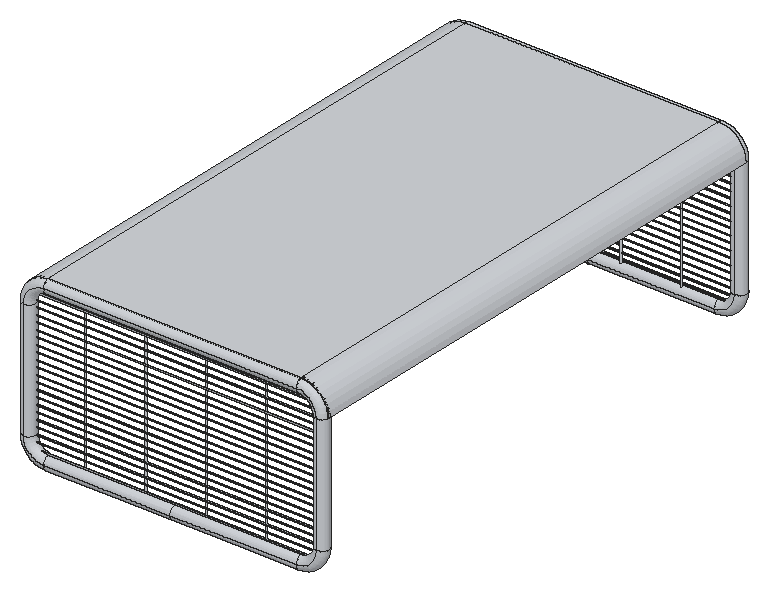
Revit family "48 X Cart_Attic (Short) - 2012", category Generic Models, host Floor, Revit 2012
Parameters
  URL = "http://www.wengercorp.com/Home/Contact.html"
  Part Number = "240A023"
  Manufacturer = "Wenger Corporation"
  Length = 80.40684"
  Keynote = "Wenger Gear Boss Carts"
  Description = "48\" X Cart Attic (short)"
  Attic Hieight [instance] = 25 5/8"
  Assembly Code = ""
Reference planes (in)
  plane 1 "Center (Front/Back)": y = 0
  plane 2: z = 0
  plane 3 "Center (Left/Right)": x = 0
  plane 4 "Top of Cart": z = 78.99185
  plane 5 "Top Of Attic": z = 104.61685
Forms (in)
  Extrusion 1, solid
    sketch origin (23.75, 0, 68.65699) x (0, -1, 0) y (0, 0, 1)
      loop
        line (38.94147, 12.53256) -> (38.7842, 12.49042) -> (38.89933, 12.3753) -> (38.94147, 12.53256)
    from 2.42735 to 45.5
  Extrusion 2, solid
    sketch origin (23.75, 0, 69.65699) x (0, -1, 0) y (0, 0, 1)
      loop
        line (38.94147, 12.53256) -> (38.7842, 12.49042) -> (38.89933, 12.3753) -> (38.94147, 12.53256)
    from 2.42735 to 45.5
  Extrusion 3, solid
    sketch origin (23.75, 0, 70.65699) x (0, -1, 0) y (0, 0, 1)
      loop
        line (38.94147, 12.53256) -> (38.7842, 12.49042) -> (38.89933, 12.3753) -> (38.94147, 12.53256)
    from 2.42735 to 45.5
  Extrusion 4, solid
    sketch origin (23.75, 0, 71.65699) x (0, -1, 0) y (0, 0, 1)
      loop
        line (38.94147, 12.53256) -> (38.7842, 12.49042) -> (38.89933, 12.3753) -> (38.94147, 12.53256)
    from 2.42735 to 45.5
  Extrusion 5, solid
    sketch origin (23.75, 0, 72.65699) x (0, -1, 0) y (0, 0, 1)
      loop
        line (38.94147, 12.53256) -> (38.7842, 12.49042) -> (38.89933, 12.3753) -> (38.94147, 12.53256)
    from 2.42735 to 45.5
  Extrusion 6, solid
    sketch origin (23.75, 0, 73.65699) x (0, -1, 0) y (0, 0, 1)
      loop
        line (38.94147, 12.53256) -> (38.7842, 12.49042) -> (38.89933, 12.3753) -> (38.94147, 12.53256)
    from 2.42735 to 45.5
  Extrusion 7, solid
    sketch origin (23.75, 0, 74.65699) x (0, -1, 0) y (0, 0, 1)
      loop
        line (38.94147, 12.53256) -> (38.7842, 12.49042) -> (38.89933, 12.3753) -> (38.94147, 12.53256)
    from 2.42735 to 45.5
  Extrusion 8, solid
    sketch origin (23.75, 0, 75.65699) x (0, -1, 0) y (0, 0, 1)
      loop
        line (38.94147, 12.53256) -> (38.7842, 12.49042) -> (38.89933, 12.3753) -> (38.94147, 12.53256)
    from 2.42735 to 45.5
  Extrusion 9, solid
    sketch origin (23.75, 0, 76.65699) x (0, -1, 0) y (0, 0, 1)
      loop
        line (38.94147, 12.53256) -> (38.7842, 12.49042) -> (38.89933, 12.3753) -> (38.94147, 12.53256)
    from 2.42735 to 45.5
  Extrusion 10, solid
    sketch origin (23.75, 0, 77.65699) x (0, -1, 0) y (0, 0, 1)
      loop
        line (38.94147, 12.53256) -> (38.7842, 12.49042) -> (38.89933, 12.3753) -> (38.94147, 12.53256)
    from 2.42735 to 45.5
  Extrusion 11, solid
    sketch origin (23.75, 0, 78.65699) x (0, -1, 0) y (0, 0, 1)
      loop
        line (38.94147, 12.53256) -> (38.7842, 12.49042) -> (38.89933, 12.3753) -> (38.94147, 12.53256)
    from 2.42735 to 45.5
  Extrusion 12, solid
    sketch origin (23.75, 0, 79.65699) x (0, -1, 0) y (0, 0, 1)
      loop
        line (38.94147, 12.53256) -> (38.7842, 12.49042) -> (38.89933, 12.3753) -> (38.94147, 12.53256)
    from 2.42735 to 45.5
  Extrusion 13, solid
    sketch origin (23.75, 0, 80.65699) x (0, -1, 0) y (0, 0, 1)
      loop
        line (38.94147, 12.53256) -> (38.7842, 12.49042) -> (38.89933, 12.3753) -> (38.94147, 12.53256)
    from 2.42735 to 45.5
  Extrusion 14, solid
    sketch origin (23.75, 0, 81.65699) x (0, -1, 0) y (0, 0, 1)
      loop
        line (38.94147, 12.53256) -> (38.7842, 12.49042) -> (38.89933, 12.3753) -> (38.94147, 12.53256)
    from 2.42735 to 45.5
  Extrusion 15, solid
    sketch origin (23.75, 0, 82.65699) x (0, -1, 0) y (0, 0, 1)
      loop
        line (38.94147, 12.53256) -> (38.7842, 12.49042) -> (38.89933, 12.3753) -> (38.94147, 12.53256)
    from 2.42735 to 45.5
  Extrusion 16, solid
    sketch origin (23.75, 0, 83.65699) x (0, -1, 0) y (0, 0, 1)
      loop
        line (38.94147, 12.53256) -> (38.7842, 12.49042) -> (38.89933, 12.3753) -> (38.94147, 12.53256)
    from 2.42735 to 45.5
  Extrusion 17, solid
    sketch origin (23.75, 0, 84.65699) x (0, -1, 0) y (0, 0, 1)
      loop
        line (38.94147, 12.53256) -> (38.7842, 12.49042) -> (38.89933, 12.3753) -> (38.94147, 12.53256)
    from 2.42735 to 45.5
  Extrusion 18, solid
    sketch origin (23.75, 0, 85.65699) x (0, -1, 0) y (0, 0, 1)
      loop
        line (38.94147, 12.53256) -> (38.7842, 12.49042) -> (38.89933, 12.3753) -> (38.94147, 12.53256)
    from 2.42735 to 45.5
  Extrusion 19, solid
    sketch origin (23.75, 0, 86.65699) x (0, -1, 0) y (0, 0, 1)
      loop
        line (38.94147, 12.53256) -> (38.7842, 12.49042) -> (38.89933, 12.3753) -> (38.94147, 12.53256)
    from 2.42735 to 45.5
  Extrusion 20, solid
    sketch origin (23.75, 0, 87.65699) x (0, -1, 0) y (0, 0, 1)
      loop
        line (38.94147, 12.53256) -> (38.7842, 12.49042) -> (38.89933, 12.3753) -> (38.94147, 12.53256)
    from 2.42735 to 45.5
  Extrusion 21, solid
    sketch origin (23.75, 0, 88.65699) x (0, -1, 0) y (0, 0, 1)
      loop
        line (38.94147, 12.53256) -> (38.7842, 12.49042) -> (38.89933, 12.3753) -> (38.94147, 12.53256)
    from 2.42735 to 45.5
  Extrusion 22, solid
    sketch origin (23.75, 0, 89.65699) x (0, -1, 0) y (0, 0, 1)
      loop
        line (38.94147, 12.53256) -> (38.7842, 12.49042) -> (38.89933, 12.3753) -> (38.94147, 12.53256)
    from 2.42735 to 45.5
  Extrusion 23, solid, not visible
    sketch origin (23.75, 0, 0) x (0, -1, 0) y (0, 0, 1)
      loop
        line (38.94147, 12.53256) -> (38.7842, 12.49042) -> (38.89933, 12.3753) -> (38.94147, 12.53256)
    from 2.42735 to 45.5
  Extrusion 24, solid, not visible
    sketch origin (23.75, 0, 0) x (0, -1, 0) y (0, 0, 1)
      loop
        line (38.94147, 12.53256) -> (38.7842, 12.49042) -> (38.89933, 12.3753) -> (38.94147, 12.53256)
    from 2.42735 to 45.5
  Extrusion 25, solid, not visible
    sketch origin (23.75, 0, 1) x (0, -1, 0) y (0, 0, 1)
      loop
        line (38.94147, 12.53256) -> (38.7842, 12.49042) -> (38.89933, 12.3753) -> (38.94147, 12.53256)
    from 2.42735 to 45.5
  Extrusion 26, solid, not visible
    sketch origin (23.75, 0, 2) x (0, -1, 0) y (0, 0, 1)
      loop
        line (38.94147, 12.53256) -> (38.7842, 12.49042) -> (38.89933, 12.3753) -> (38.94147, 12.53256)
    from 2.42735 to 45.5
  Extrusion 27, solid, not visible
    sketch origin (23.75, 0, 3) x (0, -1, 0) y (0, 0, 1)
      loop
        line (38.94147, 12.53256) -> (38.7842, 12.49042) -> (38.89933, 12.3753) -> (38.94147, 12.53256)
    from 2.42735 to 45.5
  Extrusion 28, solid, not visible
    sketch origin (23.75, 0, 4) x (0, -1, 0) y (0, 0, 1)
      loop
        line (38.94147, 12.53256) -> (38.7842, 12.49042) -> (38.89933, 12.3753) -> (38.94147, 12.53256)
    from 2.42735 to 45.5
  Extrusion 29, solid, not visible
    sketch origin (23.75, 0, 5) x (0, -1, 0) y (0, 0, 1)
      loop
        line (38.94147, 12.53256) -> (38.7842, 12.49042) -> (38.89933, 12.3753) -> (38.94147, 12.53256)
    from 2.42735 to 45.5
  Extrusion 30, solid, not visible
    sketch origin (23.75, 0, 6) x (0, -1, 0) y (0, 0, 1)
      loop
        line (38.94147, 12.53256) -> (38.7842, 12.49042) -> (38.89933, 12.3753) -> (38.94147, 12.53256)
    from 2.42735 to 45.5
  Extrusion 31, solid, not visible
    sketch origin (23.75, 0, 7) x (0, -1, 0) y (0, 0, 1)
      loop
        line (38.94147, 12.53256) -> (38.7842, 12.49042) -> (38.89933, 12.3753) -> (38.94147, 12.53256)
    from 2.42735 to 45.5
  Extrusion 32, solid, not visible
    sketch origin (23.75, 0, 8) x (0, -1, 0) y (0, 0, 1)
      loop
        line (38.94147, 12.53256) -> (38.7842, 12.49042) -> (38.89933, 12.3753) -> (38.94147, 12.53256)
    from 2.42735 to 45.5
  Extrusion 33, solid, not visible
    sketch origin (23.75, 0, 9) x (0, -1, 0) y (0, 0, 1)
      loop
        line (38.94147, 12.53256) -> (38.7842, 12.49042) -> (38.89933, 12.3753) -> (38.94147, 12.53256)
    from 2.42735 to 45.5
  Extrusion 34, solid, not visible
    sketch origin (23.75, 0, 10) x (0, -1, 0) y (0, 0, 1)
      loop
        line (38.94147, 12.53256) -> (38.7842, 12.49042) -> (38.89933, 12.3753) -> (38.94147, 12.53256)
    from 2.42735 to 45.5
  Extrusion 35, solid, not visible
    sketch origin (23.75, 0, 11) x (0, -1, 0) y (0, 0, 1)
      loop
        line (38.94147, 12.53256) -> (38.7842, 12.49042) -> (38.89933, 12.3753) -> (38.94147, 12.53256)
    from 2.42735 to 45.5
  Extrusion 36, solid, not visible
    sketch origin (23.75, 0, 12) x (0, -1, 0) y (0, 0, 1)
      loop
        line (38.94147, 12.53256) -> (38.7842, 12.49042) -> (38.89933, 12.3753) -> (38.94147, 12.53256)
    from 2.42735 to 45.5
  Extrusion 37, solid, not visible
    sketch origin (23.75, 0, 13) x (0, -1, 0) y (0, 0, 1)
      loop
        line (38.94147, 12.53256) -> (38.7842, 12.49042) -> (38.89933, 12.3753) -> (38.94147, 12.53256)
    from 2.42735 to 45.5
  Extrusion 38, solid, not visible
    sketch origin (23.75, 0, 14) x (0, -1, 0) y (0, 0, 1)
      loop
        line (38.94147, 12.53256) -> (38.7842, 12.49042) -> (38.89933, 12.3753) -> (38.94147, 12.53256)
    from 2.42735 to 45.5
  Extrusion 39, solid, not visible
    sketch origin (23.75, 0, 15) x (0, -1, 0) y (0, 0, 1)
      loop
        line (38.94147, 12.53256) -> (38.7842, 12.49042) -> (38.89933, 12.3753) -> (38.94147, 12.53256)
    from 2.42735 to 45.5
  Extrusion 40, solid, not visible
    sketch origin (23.75, 0, 16) x (0, -1, 0) y (0, 0, 1)
      loop
        line (38.94147, 12.53256) -> (38.7842, 12.49042) -> (38.89933, 12.3753) -> (38.94147, 12.53256)
    from 2.42735 to 45.5
  Extrusion 41, solid, not visible
    sketch origin (23.75, 0, 17) x (0, -1, 0) y (0, 0, 1)
      loop
        line (38.94147, 12.53256) -> (38.7842, 12.49042) -> (38.89933, 12.3753) -> (38.94147, 12.53256)
    from 2.42735 to 45.5
  Extrusion 42, solid, not visible
    sketch origin (23.75, 0, 18) x (0, -1, 0) y (0, 0, 1)
      loop
        line (38.94147, 12.53256) -> (38.7842, 12.49042) -> (38.89933, 12.3753) -> (38.94147, 12.53256)
    from 2.42735 to 45.5
  Extrusion 43, solid, not visible
    sketch origin (23.75, 0, 19) x (0, -1, 0) y (0, 0, 1)
      loop
        line (38.94147, 12.53256) -> (38.7842, 12.49042) -> (38.89933, 12.3753) -> (38.94147, 12.53256)
    from 2.42735 to 45.5
  Extrusion 44, solid, not visible
    sketch origin (23.75, 0, 20) x (0, -1, 0) y (0, 0, 1)
      loop
        line (38.94147, 12.53256) -> (38.7842, 12.49042) -> (38.89933, 12.3753) -> (38.94147, 12.53256)
    from 2.42735 to 45.5
  Extrusion 45, solid, not visible
    sketch origin (23.75, 0, 21) x (0, -1, 0) y (0, 0, 1)
      loop
        line (38.94147, 12.53256) -> (38.7842, 12.49042) -> (38.89933, 12.3753) -> (38.94147, 12.53256)
    from 2.42735 to 45.5
  Extrusion 46, solid
    sketch origin (23.75, 0, 68.65625) x (0, -1, 0) y (0, 0, 1)
      loop
        line (-38.94147, 12.53256) -> (-38.89933, 12.3753) -> (-38.7842, 12.49042) -> (-38.94147, 12.53256)
    from 2.42735 to 45.5
  Extrusion 47, solid
    sketch origin (23.75, 0, 69.65625) x (0, -1, 0) y (0, 0, 1)
      loop
        line (-38.94147, 12.53256) -> (-38.89933, 12.3753) -> (-38.7842, 12.49042) -> (-38.94147, 12.53256)
    from 2.42735 to 45.5
  Extrusion 48, solid
    sketch origin (23.75, 0, 70.65625) x (0, -1, 0) y (0, 0, 1)
      loop
        line (-38.94147, 12.53256) -> (-38.89933, 12.3753) -> (-38.7842, 12.49042) -> (-38.94147, 12.53256)
    from 2.42735 to 45.5
  Extrusion 49, solid
    sketch origin (23.75, 0, 71.65625) x (0, -1, 0) y (0, 0, 1)
      loop
        line (-38.94147, 12.53256) -> (-38.89933, 12.3753) -> (-38.7842, 12.49042) -> (-38.94147, 12.53256)
    from 2.42735 to 45.5
  Extrusion 50, solid
    sketch origin (23.75, 0, 72.65625) x (0, -1, 0) y (0, 0, 1)
      loop
        line (-38.94147, 12.53256) -> (-38.89933, 12.3753) -> (-38.7842, 12.49042) -> (-38.94147, 12.53256)
    from 2.42735 to 45.5
  Extrusion 51, solid
    sketch origin (23.75, 0, 73.65625) x (0, -1, 0) y (0, 0, 1)
      loop
        line (-38.94147, 12.53256) -> (-38.89933, 12.3753) -> (-38.7842, 12.49042) -> (-38.94147, 12.53256)
    from 2.42735 to 45.5
  Extrusion 52, solid
    sketch origin (23.75, 0, 74.65625) x (0, -1, 0) y (0, 0, 1)
      loop
        line (-38.94147, 12.53256) -> (-38.89933, 12.3753) -> (-38.7842, 12.49042) -> (-38.94147, 12.53256)
    from 2.42735 to 45.5
  Extrusion 53, solid
    sketch origin (23.75, 0, 75.65625) x (0, -1, 0) y (0, 0, 1)
      loop
        line (-38.94147, 12.53256) -> (-38.89933, 12.3753) -> (-38.7842, 12.49042) -> (-38.94147, 12.53256)
    from 2.42735 to 45.5
  Extrusion 54, solid
    sketch origin (23.75, 0, 76.65625) x (0, -1, 0) y (0, 0, 1)
      loop
        line (-38.94147, 12.53256) -> (-38.89933, 12.3753) -> (-38.7842, 12.49042) -> (-38.94147, 12.53256)
    from 2.42735 to 45.5
  Extrusion 55, solid
    sketch origin (23.75, 0, 77.65625) x (0, -1, 0) y (0, 0, 1)
      loop
        line (-38.94147, 12.53256) -> (-38.89933, 12.3753) -> (-38.7842, 12.49042) -> (-38.94147, 12.53256)
    from 2.42735 to 45.5
  Extrusion 56, solid
    sketch origin (23.75, 0, 78.65625) x (0, -1, 0) y (0, 0, 1)
      loop
        line (-38.94147, 12.53256) -> (-38.89933, 12.3753) -> (-38.7842, 12.49042) -> (-38.94147, 12.53256)
    from 2.42735 to 45.5
  Extrusion 57, solid
    sketch origin (23.75, 0, 79.65625) x (0, -1, 0) y (0, 0, 1)
      loop
        line (-38.94147, 12.53256) -> (-38.89933, 12.3753) -> (-38.7842, 12.49042) -> (-38.94147, 12.53256)
    from 2.42735 to 45.5
  Extrusion 58, solid
    sketch origin (23.75, 0, 80.65625) x (0, -1, 0) y (0, 0, 1)
      loop
        line (-38.94147, 12.53256) -> (-38.89933, 12.3753) -> (-38.7842, 12.49042) -> (-38.94147, 12.53256)
    from 2.42735 to 45.5
  Extrusion 59, solid
    sketch origin (23.75, 0, 81.65625) x (0, -1, 0) y (0, 0, 1)
      loop
        line (-38.94147, 12.53256) -> (-38.89933, 12.3753) -> (-38.7842, 12.49042) -> (-38.94147, 12.53256)
    from 2.42735 to 45.5
  Extrusion 60, solid
    sketch origin (23.75, 0, 82.65625) x (0, -1, 0) y (0, 0, 1)
      loop
        line (-38.94147, 12.53256) -> (-38.89933, 12.3753) -> (-38.7842, 12.49042) -> (-38.94147, 12.53256)
    from 2.42735 to 45.5
  Extrusion 61, solid
    sketch origin (23.75, 0, 83.65625) x (0, -1, 0) y (0, 0, 1)
      loop
        line (-38.94147, 12.53256) -> (-38.89933, 12.3753) -> (-38.7842, 12.49042) -> (-38.94147, 12.53256)
    from 2.42735 to 45.5
  Extrusion 62, solid
    sketch origin (23.75, 0, 84.65625) x (0, -1, 0) y (0, 0, 1)
      loop
        line (-38.94147, 12.53256) -> (-38.89933, 12.3753) -> (-38.7842, 12.49042) -> (-38.94147, 12.53256)
    from 2.42735 to 45.5
  Extrusion 63, solid
    sketch origin (23.75, 0, 85.65625) x (0, -1, 0) y (0, 0, 1)
      loop
        line (-38.94147, 12.53256) -> (-38.89933, 12.3753) -> (-38.7842, 12.49042) -> (-38.94147, 12.53256)
    from 2.42735 to 45.5
  Extrusion 64, solid
    sketch origin (23.75, 0, 86.65625) x (0, -1, 0) y (0, 0, 1)
      loop
        line (-38.94147, 12.53256) -> (-38.89933, 12.3753) -> (-38.7842, 12.49042) -> (-38.94147, 12.53256)
    from 2.42735 to 45.5
  Extrusion 65, solid
    sketch origin (23.75, 0, 87.65625) x (0, -1, 0) y (0, 0, 1)
      loop
        line (-38.94147, 12.53256) -> (-38.89933, 12.3753) -> (-38.7842, 12.49042) -> (-38.94147, 12.53256)
    from 2.42735 to 45.5
  Extrusion 66, solid
    sketch origin (23.75, 0, 88.65625) x (0, -1, 0) y (0, 0, 1)
      loop
        line (-38.94147, 12.53256) -> (-38.89933, 12.3753) -> (-38.7842, 12.49042) -> (-38.94147, 12.53256)
    from 2.42735 to 45.5
  Extrusion 67, solid
    sketch origin (23.75, 0, 89.65625) x (0, -1, 0) y (0, 0, 1)
      loop
        line (-38.94147, 12.53256) -> (-38.89933, 12.3753) -> (-38.7842, 12.49042) -> (-38.94147, 12.53256)
    from 2.42735 to 45.5
  Extrusion 68, solid
    sketch origin (-21.6493, -33.97999, 7.49609) x (0, -1, 0) y (1, 0, 0)
      loop
        line (4.73095, 8.2243) -> (4.64435, 8.0743) -> (4.81755, 8.0743) -> (4.73095, 8.2243)
    from 72.89209 to 96.24575
  Extrusion 69, solid
    sketch origin (-12.6493, -33.97999, 7.49609) x (0, -1, 0) y (1, 0, 0)
      loop
        line (4.73095, 8.2243) -> (4.64435, 8.0743) -> (4.81755, 8.0743) -> (4.73095, 8.2243)
    from 72.89209 to 96.24575
  Extrusion 70, solid
    sketch origin (-3.6493, -33.97999, 7.49609) x (0, -1, 0) y (1, 0, 0)
      loop
        line (4.73095, 8.2243) -> (4.64435, 8.0743) -> (4.81755, 8.0743) -> (4.73095, 8.2243)
    from 72.89209 to 96.24575
  Extrusion 71, solid
    sketch origin (5.3507, -33.97999, 7.49609) x (0, -1, 0) y (1, 0, 0)
      loop
        line (4.73095, 8.2243) -> (4.64435, 8.0743) -> (4.81755, 8.0743) -> (4.73095, 8.2243)
    from 72.89209 to 96.24575
  Extrusion 72, solid, not visible
    sketch origin (-21.6243, -33.97999, 7.49609) x (0, -1, 0) y (1, 0, 0)
      loop
        line (4.73095, 8.2243) -> (4.64435, 8.0743) -> (4.81755, 8.0743) -> (4.73095, 8.2243)
    from 72.89209 to 96.24575
  Extrusion 73, solid
    sketch origin (-21.6493, -33.97999, 7.49609) x (0, -1, 0) y (1, 0, 0)
      loop
        line (-72.69092, 8.2243) -> (-72.77753, 8.0743) -> (-72.60432, 8.0743) -> (-72.69092, 8.2243)
    from 72.89209 to 96.24575
  Extrusion 74, solid
    sketch origin (-12.6493, -33.97999, 7.49609) x (0, -1, 0) y (1, 0, 0)
      loop
        line (-72.69092, 8.2243) -> (-72.77753, 8.0743) -> (-72.60432, 8.0743) -> (-72.69092, 8.2243)
    from 72.89209 to 96.24575
  Extrusion 75, solid
    sketch origin (-3.6493, -33.97999, 7.49609) x (0, -1, 0) y (1, 0, 0)
      loop
        line (-72.69092, 8.2243) -> (-72.77753, 8.0743) -> (-72.60432, 8.0743) -> (-72.69092, 8.2243)
    from 72.89209 to 96.24575
  Extrusion 76, solid
    sketch origin (5.3507, -33.97999, 7.49609) x (0, -1, 0) y (1, 0, 0)
      loop
        line (-72.69092, 8.2243) -> (-72.77753, 8.0743) -> (-72.60432, 8.0743) -> (-72.69092, 8.2243)
    from 72.89209 to 96.24575
  Sweep 77, solid
    path origin (-23.75, -39, 7.49609) x (0, 0, 1) y (-1, 0, 0)
      loop
        line (71.49575, -23.75) -> (71.49575, -42.625)
        arc (71.49575, -42.625) -> (72.66732, -45.45343) -> (75.49575, -46.625) r 4
        line (75.49575, -46.625) -> (93.12075, -46.625)
        arc (93.12075, -46.625) -> (95.94918, -45.45343) -> (97.12075, -42.625) r 4
        line (97.12075, -42.625) -> (97.12075, -4.875)
        arc (97.12075, -4.875) -> (95.94918, -2.04657) -> (93.12075, -0.875) r 4
        line (93.12075, -0.875) -> (75.49575, -0.875)
        arc (75.49575, -0.875) -> (72.66732, -2.04657) -> (71.49575, -4.875) r 4
        line (71.49575, -4.875) -> (71.49575, -23.75)
    profile origin (-9.4375, -39, 78.99185) x (0, 0, -1) y (0, -1, 0)
      loop
        circle (-1, -0.13197) r 1
  Sweep 78, solid
    path origin (-23.75, 39.25, 7.49609) x (0, 0, 1) y (1, 0, 0)
      loop
        line (71.49575, 23.75) -> (71.49575, 4.875)
        arc (71.49575, 4.875) -> (72.66732, 2.04657) -> (75.49575, 0.875) r 4
        line (75.49575, 0.875) -> (93.12075, 0.875)
        arc (93.12075, 0.875) -> (95.94918, 2.04657) -> (97.12075, 4.875) r 4
        line (97.12075, 4.875) -> (97.12075, 42.625)
        arc (97.12075, 42.625) -> (95.94918, 45.45343) -> (93.12075, 46.625) r 4
        line (93.12075, 46.625) -> (75.49575, 46.625)
        arc (75.49575, 46.625) -> (72.66732, 45.45343) -> (71.49575, 42.625) r 4
        line (71.49575, 42.625) -> (71.49575, 23.75)
    profile origin (-9.4375, 39.25, 78.99185) x (0, 0, 1) y (0, 1, 0)
      loop
        circle (1, -0.13197) r 1
  Extrusion 79, solid
    sketch origin (-23.75, -39, 7.49609) x (0, 0, 1) y (-1, 0, 0)
      loop
        line (97.12075, -42.625) -> (97.12075, -4.875)
        arc (97.12075, -4.875) -> (95.94918, -2.04657) -> (93.12075, -0.875) r 4
        line (93.12075, -0.875) -> (93.12075, -1.125)
        arc (93.12075, -1.125) -> (95.7724, -2.22335) -> (96.87075, -4.875) r 3.75
        line (96.87075, -4.875) -> (96.87075, -42.625)
        arc (96.87075, -42.625) -> (95.7724, -45.27665) -> (93.12075, -46.375) r 3.75
        line (93.12075, -46.375) -> (93.12075, -46.625)
        arc (93.12075, -46.625) -> (95.94918, -45.45343) -> (97.12075, -42.625) r 4
    from 0 to -78
  Extrusion 80, solid, not visible
    sketch origin (-21.6493, -33.97999, 7.49609) x (0, -1, 0) y (1, 0, 0)
      loop
        line (4.73095, 8.2243) -> (4.64435, 8.0743) -> (4.81755, 8.0743) -> (4.73095, 8.2243)
    from 72.89209 to 96.24575
  Extrusion 81, solid, not visible
    sketch origin (-12.6493, -33.97999, 7.49609) x (0, -1, 0) y (1, 0, 0)
      loop
        line (4.73095, 8.2243) -> (4.64435, 8.0743) -> (4.81755, 8.0743) -> (4.73095, 8.2243)
    from 72.89209 to 96.24575
  Extrusion 82, solid, not visible
    sketch origin (-3.6493, -33.97999, 7.49609) x (0, -1, 0) y (1, 0, 0)
      loop
        line (4.73095, 8.2243) -> (4.64435, 8.0743) -> (4.81755, 8.0743) -> (4.73095, 8.2243)
    from 72.89209 to 96.24575
  Extrusion 83, solid, not visible
    sketch origin (5.3507, -33.97999, 7.49609) x (0, -1, 0) y (1, 0, 0)
      loop
        line (4.73095, 8.2243) -> (4.64435, 8.0743) -> (4.81755, 8.0743) -> (4.73095, 8.2243)
    from 72.89209 to 96.24575
Lines and regions (in)
  model lines
    curve 1: line (-18.875, 39, 104.61685) -> (-18.875, -39, 104.61685)
    curve 2: line (18.875, -39, 104.61685) -> (18.875, 39, 104.61685)
Dimensions and locks (in)
  equal spacing: host sketch curve, plane 1 "Center (Front/Back)", host sketch curve
  equal spacing: host sketch curve, plane 3 "Center (Left/Right)", host sketch curve
  host sketch curve to host sketch curve = 120"  (x2)
  "Attic Hieight": plane 5 "Top Of Attic" to plane 4 "Top of Cart"
  locked: plane 4 "Top of Cart" to level at 78.99185
  aligned and locked: level to plane 2
  aligned and locked: plane 5 "Top Of Attic" to Sweep 77 sketch curve
  aligned and locked: Sweep 77 sketch curve to plane 4 "Top of Cart"
  aligned and locked: Sweep 78 sketch curve to plane 5 "Top Of Attic"
  aligned and locked: plane 4 "Top of Cart" to Sweep 78 sketch curve
  aligned and locked: Extrusion 79 sketch curve to plane 5 "Top Of Attic"
Automatic sketch dimensions
  Sweep 77 sketch curve to profile plane = 0.13197"
  profile plane to Sweep 77 sketch curve = 1"
  Sweep 78 sketch curve to profile plane = 0.13197"
  Sweep 78 sketch curve to profile plane = 1"
  Sweep 77 sketch curve to Sweep 77 sketch curve = 4"  (x2)
  Sweep 77 sketch curve to Sweep 77 sketch curve = 17 5/8"
  Sweep 77 sketch curve to Sweep 77 sketch curve = 18 7/8"
  Sweep 78 sketch curve to plane 3 "Center (Left/Right)" = 0"
  Sweep 78 sketch curve to Sweep 78 sketch curve = 4"
  plane 4 "Top of Cart" to Sweep 78 sketch curve = 4"
  plane 5 "Top Of Attic" to Sweep 78 sketch curve = 4"  (x2)
  Sweep 78 sketch curve to Sweep 78 sketch curve = 18 7/8"
  plane 3 "Center (Left/Right)" to Sweep 78 sketch curve = 18 7/8"
  Extrusion 79 sketch curve to Extrusion 79 sketch curve = 0"  (x4)
  Extrusion 79 sketch curve to Extrusion 79 sketch curve = 1/4"
  Extrusion 79 sketch curve to Extrusion 79 sketch curve = 3 3/4"  (x2)
  plane 3 "Center (Left/Right)" to curve 2 = 18 7/8"
  curve 2 to plane 1 "Center (Front/Back)" = 39"
  curve 1 to plane 3 "Center (Left/Right)" = 18 7/8"
  curve 1 to curve 2 = 0"  (x2)
  plane 1 "Center (Front/Back)" to curve 2 = 39"
  Sweep 77 sketch curve to plane 3 "Center (Left/Right)" = 0"
  plane 4 "Top of Cart" to Sweep 77 sketch curve = 4"
  Sweep 77 sketch curve to plane 3 "Center (Left/Right)" = 18 7/8"
  plane 3 "Center (Left/Right)" to Extrusion 79 sketch curve = 22 7/8"
  Extrusion 79 sketch curve to plane 3 "Center (Left/Right)" = 18 7/8"
  radius of Sweep 77 sketch curve = 1"
  radius of Sweep 78 sketch curve = 1"
Nested families (in)
  nested 1: "Label Annotation 1-8" at (0, -22.42105, 0), type "Label Annotation 1-8", detail levels medium+fine
Definition of nested family "Label Annotation 1-8"
  Parameters (values of type "Label Annotation 1-8")
    Label = "X Cart 32 With Attic (Short)"
  Reference planes (in)
    plane 1: y = 0
    plane 2: x = 0
  Text (in)
    label "Label" at (0.00375, -0.00345, 0), shows "Label"
